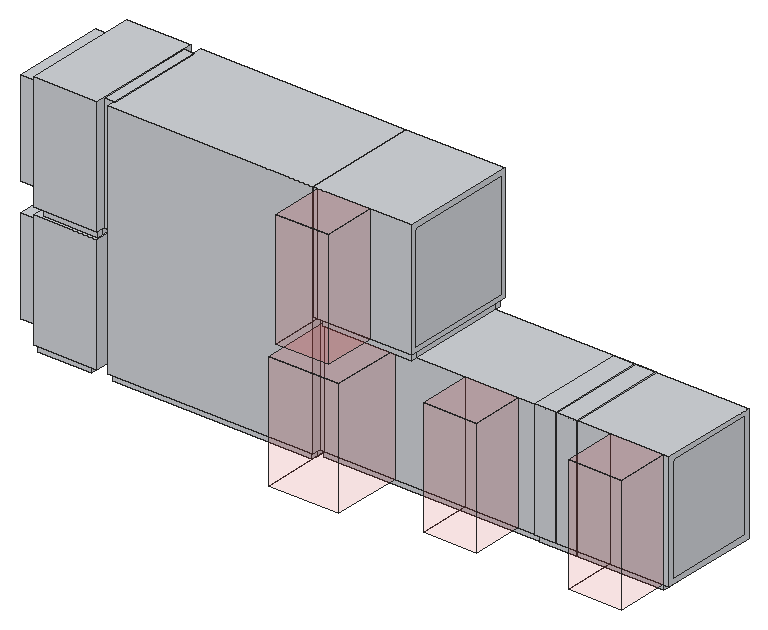
Revit family "Metric WinTADS Template 5", category Mechanical Equipment, Revit 2017
Family settings
  Round Connector Dimension = Use Diameter
  Part Type = Normal
  OmniClass Number = 23.75.00.00
  OmniClass Title = Climate Control (HVAC)
  Work Plane-Based = No
  Always vertical = Yes
  Cut with Voids When Loaded = No
  Shared = No
  Room Calculation Point = No
Parameters
  Mass = 1232.64 kg
Reference planes
  plane 1 "Center (Front/Back)": y = 0
  plane 2: z = 0
  plane 3 "Center (Left/Right)": x = 0
Forms (mm)
  Extrusion 1, solid
    sketch origin (0, 0, 0) x (1, 0, 0) y (0, 1, 0)
      loop
        line (-200, 958) -> (-200, 100) -> (0, 100) -> (0, 958) -> (-200, 958)
    from 100 to 958
  Extrusion 2, solid
    sketch origin (0, 0, 0) x (1, 0, 0) y (0, 1, 0)
      loop
        line (3431.543, 1009) -> (3431.543, 49) -> (3432.457, 49) -> (3432.457, 1009) -> (3431.543, 1009)
    from 1169 to 2129
  Extrusion 3, solid
    sketch origin (0, 0, 0) x (1, 0, 0) y (0, 1, 0)
      loop
        line (130, 928) -> (130, 230) -> (448, 230) -> (448, 928) -> (130, 928)
    from 899 to 1009
  Extrusion 4, solid
    sketch origin (0, 0, 0) x (1, 0, 0) y (0, 1, 0)
      loop
        line (0, 1058) -> (0, 0) -> (578, 0) -> (578, 1058) -> (0, 1058)
    from 0 to 1058
  Extrusion 5, solid
    sketch origin (0, 0, 0) x (1, 0, 0) y (0, 1, 0)
      loop
        line (0, 1058) -> (0, 0) -> (578, 0) -> (578, 1058) -> (0, 1058)
    from 1120 to 2178
  Extrusion 6, solid
    sketch origin (0, 0, 0) x (1, 0, 0) y (0, 1, 0)
      loop
        line (578, 978) -> (578, 80) -> (676, 80) -> (676, 978) -> (578, 978)
    from 1120 to 2178
  Extrusion 7, solid
    sketch origin (0, 0, 0) x (1, 0, 0) y (0, 1, 0)
      loop
        line (676, 1058) -> (676, 0) -> (2534, 0) -> (2534, 1058) -> (676, 1058)
    from 0 to 2178
  Extrusion 8, solid
    sketch origin (0, 0, 0) x (1, 0, 0) y (0, 1, 0)
      loop
        line (2534, 1058) -> (2534, 0) -> (3432, 0) -> (3432, 1058) -> (2534, 1058)
    from 1120 to 2178
  Extrusion 9, solid
    sketch origin (0, 0, 0) x (1, 0, 0) y (0, 1, 0)
      loop
        line (2534, 978) -> (2534, 80) -> (4872, 80) -> (4872, 978) -> (2534, 978)
    from 0 to 1058
  Extrusion 10, solid
    sketch origin (0, 0, 0) x (1, 0, 0) y (0, 1, 0)
      loop
        line (-200, 958) -> (-200, 100) -> (0, 100) -> (0, 958) -> (-200, 958)
    from 1220 to 2078
  Extrusion 11, solid
    sketch origin (0, 0, 0) x (1, 0, 0) y (0, 1, 0)
      loop
        line (5707.543, 929) -> (5707.543, 129) -> (5708.457, 129) -> (5708.457, 929) -> (5707.543, 929)
    from 49 to 1009
  Extrusion 12, solid
    sketch origin (0, 0, 0) x (1, 0, 0) y (0, 1, 0)
      loop
        line (4680.543, 978) -> (4680.543, 80) -> (4681.457, 80) -> (4681.457, 978) -> (4680.543, 978)
    from 0 to 1058
  Extrusion 13, solid
    sketch origin (0, 0, 0) x (1, 0, 0) y (0, 1, 0)
      loop
        line (4490, 978) -> (4490, 80) -> (5708, 80) -> (5708, 978) -> (4490, 978)
    from 0 to 1058
  Extrusion 14, solid
    sketch origin (0, 0, 0) x (1, 0, 0) y (0, 1, 0)
      loop
        line (20, 75.5) -> (20, 26.5) -> (509, 26.5) -> (509, 75.5) -> (20, 75.5)
    from -62 to 0
  Extrusion 15, solid
    sketch origin (0, 0, 0) x (1, 0, 0) y (0, 1, 0)
      loop
        line (20, 1031.5) -> (20, 982.5) -> (509, 982.5) -> (509, 1031.5) -> (20, 1031.5)
    from -62 to 0
  Extrusion 16, solid
    sketch origin (0, 0, 0) x (1, 0, 0) y (0, 1, 0)
      loop
        line (20, 982.5) -> (20, 75.5) -> (69, 75.5) -> (69, 982.5) -> (20, 982.5)
    from -62 to 0
  Extrusion 17, solid
    sketch origin (0, 0, 0) x (1, 0, 0) y (0, 1, 0)
      loop
        line (460, 982.5) -> (460, 75.5) -> (509, 75.5) -> (509, 982.5) -> (460, 982.5)
    from -62 to 0
  Extrusion 18, solid
    sketch origin (0, 0, 0) x (1, 0, 0) y (0, 1, 0)
      loop
        line (69, 75.5) -> (69, 26.5) -> (558, 26.5) -> (558, 75.5) -> (69, 75.5)
    from 1058 to 1120
  Extrusion 19, solid
    sketch origin (0, 0, 0) x (1, 0, 0) y (0, 1, 0)
      loop
        line (69, 1031.5) -> (69, 982.5) -> (558, 982.5) -> (558, 1031.5) -> (69, 1031.5)
    from 1058 to 1120
  Extrusion 20, solid
    sketch origin (0, 0, 0) x (1, 0, 0) y (0, 1, 0)
      loop
        line (69, 982.5) -> (69, 75.5) -> (118, 75.5) -> (118, 982.5) -> (69, 982.5)
    from 1058 to 1120
  Extrusion 21, solid
    sketch origin (0, 0, 0) x (1, 0, 0) y (0, 1, 0)
      loop
        line (509, 982.5) -> (509, 75.5) -> (558, 75.5) -> (558, 982.5) -> (509, 982.5)
    from 1058 to 1120
  Extrusion 22, solid
    sketch origin (0, 0, 0) x (1, 0, 0) y (0, 1, 0)
      loop
        line (702, 75.5) -> (702, 26.5) -> (2508, 26.5) -> (2508, 75.5) -> (702, 75.5)
    from -62 to 0
  Extrusion 23, solid
    sketch origin (0, 0, 0) x (1, 0, 0) y (0, 1, 0)
      loop
        line (702, 1031.5) -> (702, 982.5) -> (2508, 982.5) -> (2508, 1031.5) -> (702, 1031.5)
    from -62 to 0
  Extrusion 24, solid, material "Clearance Zones"
    sketch origin (0, 0, 0) x (1, 0, 0) y (0, 1, 0)
      loop
        line (2583, 0) -> (2583, -480) -> (3063, -480) -> (3063, 0) -> (2583, 0)
    from 1120 to 2178
  Extrusion 25, solid, material "Clearance Zones"
    sketch origin (0, 0, 0) x (1, 0, 0) y (0, 1, 0)
      loop
        line (2583, 80) -> (2583, -560) -> (3223, -560) -> (3223, 80) -> (2583, 80)
    from 0 to 1058
  Extrusion 26, solid, material "Clearance Zones"
    sketch origin (0, 0, 0) x (1, 0, 0) y (0, 1, 0)
      loop
        line (3863, 80) -> (3863, -400) -> (4343, -400) -> (4343, 80) -> (3863, 80)
    from 0 to 1058
  Extrusion 27, solid, material "Clearance Zones"
    sketch origin (0, 0, 0) x (1, 0, 0) y (0, 1, 0)
      loop
        line (5179, 80) -> (5179, -400) -> (5659, -400) -> (5659, 80) -> (5179, 80)
    from 0 to 1058
  Extrusion 28, solid
    sketch origin (0, 0, 0) x (1, 0, 0) y (0, 1, 0)
      loop
        line (702, 982.5) -> (702, 75.5) -> (751, 75.5) -> (751, 982.5) -> (702, 982.5)
    from -62 to 0
  Extrusion 29, solid
    sketch origin (0, 0, 0) x (1, 0, 0) y (0, 1, 0)
      loop
        line (2459, 982.5) -> (2459, 75.5) -> (2508, 75.5) -> (2508, 982.5) -> (2459, 982.5)
    from -62 to 0
  Extrusion 30, solid
    sketch origin (0, 0, 0) x (1, 0, 0) y (0, 1, 0)
      loop
        line (2603, 75.5) -> (2603, 26.5) -> (3412, 26.5) -> (3412, 75.5) -> (2603, 75.5)
    from 1058 to 1120
  Extrusion 31, solid
    sketch origin (0, 0, 0) x (1, 0, 0) y (0, 1, 0)
      loop
        line (2603, 1031.5) -> (2603, 982.5) -> (3412, 982.5) -> (3412, 1031.5) -> (2603, 1031.5)
    from 1058 to 1120
  Extrusion 32, solid
    sketch origin (0, 0, 0) x (1, 0, 0) y (0, 1, 0)
      loop
        line (2603, 982.5) -> (2603, 75.5) -> (2652, 75.5) -> (2652, 982.5) -> (2603, 982.5)
    from 1058 to 1120
  Extrusion 33, solid
    sketch origin (0, 0, 0) x (1, 0, 0) y (0, 1, 0)
      loop
        line (3363, 982.5) -> (3363, 75.5) -> (3412, 75.5) -> (3412, 982.5) -> (3363, 982.5)
    from 1058 to 1120
  Extrusion 34, solid
    sketch origin (0, 0, 0) x (1, 0, 0) y (0, 1, 0)
      loop
        line (2554, 155.5) -> (2554, 106.5) -> (4852, 106.5) -> (4852, 155.5) -> (2554, 155.5)
    from -62 to 0
  Extrusion 35, solid
    sketch origin (0, 0, 0) x (1, 0, 0) y (0, 1, 0)
      loop
        line (2554, 951.5) -> (2554, 902.5) -> (4852, 902.5) -> (4852, 951.5) -> (2554, 951.5)
    from -62 to 0
  Extrusion 36, solid
    sketch origin (0, 0, 0) x (1, 0, 0) y (0, 1, 0)
      loop
        line (2554, 902.5) -> (2554, 155.5) -> (2603, 155.5) -> (2603, 902.5) -> (2554, 902.5)
    from -62 to 0
  Extrusion 37, solid
    sketch origin (0, 0, 0) x (1, 0, 0) y (0, 1, 0)
      loop
        line (4803, 902.5) -> (4803, 155.5) -> (4852, 155.5) -> (4852, 902.5) -> (4803, 902.5)
    from -62 to 0
  Extrusion 38, solid
    sketch origin (0, 0, 0) x (1, 0, 0) y (0, 1, 0)
      loop
        line (4510, 155.5) -> (4510, 106.5) -> (5639, 106.5) -> (5639, 155.5) -> (4510, 155.5)
    from -62 to 0
  Extrusion 39, solid
    sketch origin (0, 0, 0) x (1, 0, 0) y (0, 1, 0)
      loop
        line (4510, 951.5) -> (4510, 902.5) -> (5639, 902.5) -> (5639, 951.5) -> (4510, 951.5)
    from -62 to 0
  Extrusion 40, solid
    sketch origin (0, 0, 0) x (1, 0, 0) y (0, 1, 0)
      loop
        line (4510, 902.5) -> (4510, 155.5) -> (4559, 155.5) -> (4559, 902.5) -> (4510, 902.5)
    from -62 to 0
  Extrusion 41, solid
    sketch origin (0, 0, 0) x (1, 0, 0) y (0, 1, 0)
      loop
        line (5590, 902.5) -> (5590, 155.5) -> (5639, 155.5) -> (5639, 902.5) -> (5590, 902.5)
    from -62 to 0
Dimensions and locks
  aligned and locked: level to plane 2
Connectors
  hvac at (289, 579, 899)
    settings: on Extrusion 3, index 16, duct flow 1111.11 L/s, flow factor 0, pres drop 15.8763 Pa, loss coef 0, conn angle 0.00°, conn width 318 mm, conn height 698 mm, conn diameter 609.6 mm, duct sys type 1, conn prof type 1, flow config 0, flow direction 1, loss method 4, conn ref index -1, conn util no, is conn primary no, conn desc ""
  hvac at (3432.457, 529, 1649)
    settings: on Extrusion 2, index 31, duct flow 1111.11 L/s, flow factor 0, pres drop 2.0 Pa, loss coef 0, conn angle 0.00°, conn width 960 mm, conn height 960 mm, conn diameter 609.6 mm, duct sys type 3, conn prof type 1, flow config 0, flow direction 1, loss method 4, conn ref index -1, conn util no, is conn primary no, conn desc ""
  hvac at (-200, 529, 529)
    settings: on Extrusion 1, index 35, duct flow 1111.11 L/s, flow factor 0, pres drop 1.5576 Pa, loss coef 0, conn angle 0.00°, conn width 858 mm, conn height 858 mm, conn diameter 609.6 mm, duct sys type 3, conn prof type 1, flow config 0, flow direction 2, loss method 4, conn ref index -1, conn util no, is conn primary no, conn desc ""
  hvac at (-200, 529, 1649)
    settings: on Extrusion 10, index 88, duct flow 1111.11 L/s, flow factor 0, pres drop 1.5576 Pa, loss coef 0, conn angle 0.00°, conn width 858 mm, conn height 858 mm, conn diameter 609.6 mm, duct sys type 1, conn prof type 1, flow config 0, flow direction 1, loss method 4, conn ref index -1, conn util no, is conn primary no, conn desc ""
  hvac at (5708.457, 529, 529)
    settings: on Extrusion 11, index 96, duct flow 1111.11 L/s, flow factor 0, pres drop 2.0 Pa, loss coef 0, conn angle 0.00°, conn width 800 mm, conn height 960 mm, conn diameter 609.6 mm, duct sys type 1, conn prof type 1, flow config 0, flow direction 2, loss method 4, conn ref index -1, conn util no, is conn primary no, conn desc ""
